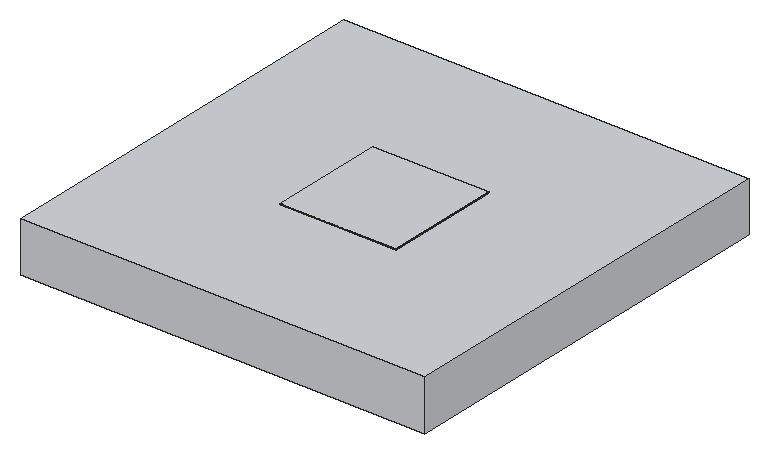
Revit family "Difusor de retorno - Quadrado - Hospedado", category Terminais de ar, Revit 2019
Family settings
  Hospedeiro = Face
  Cota do conector redondo = Utilizar diâmetro
  Tipo de parte = Normal
  Corte com vazios quando carregada = Não
  Compartilhado = Não
  Ponto de cálculo do ambiente = Não
Parameters (values of type "Padrão")
  UpFlowArrow [instance] = yes
  RightFlowArrow [instance] = yes
  Queda de pressão [instance] = 0.0 Pa
  Largura da lâmina 4 = Largura da grelha * 4 / 5  # 560 mm
  Largura da lâmina 3 = Largura da grelha * 3 / 5  # 420 mm
  Largura da lâmina 2 = Largura da grelha * 2 / 5  # 280 mm
  Largura da lâmina 1 = Largura da grelha * 1 / 5  # 140 mm
  LeftFlowArrow [instance] = yes
  Largura da grelha = 700 mm
  Fluxo [instance] = 0.0 L/s
  Largura do duto = 150 mm
  DownFlowArrow [instance] = yes
  Largura do difusor 2 = Largura do difusor - 55 mm  # 643 mm
  Largura do difusor = 698 mm
  Material do difusor = none
  Altura do difusor = 40 mm
  Elevação-padrão = 1200 mm
Reference planes
  plane 1 "Centro (frente/trás)": y = 0
  plane 2: z = 0
  plane 3 "Centro (direita/esquerda)": x = 0
  plane 4 "Direita superior do difusor": x = 321.5
  plane 5 "Esquerda superior do difusor": x = -321.5
  plane 6 "Traseira superior do difusor": y = 321.5
  plane 7 "Frente superior do difusor": y = -321.5
  plane 8 "Direita": x = 349
  plane 9 "Esquerda": x = -349
  plane 10 "Parte posterior": y = 349
  plane 11 "Parte frontal": y = -349
  plane 12 "Superior": z = 0
  plane 13 "Traseira da grelha": y = 350
  plane 14 "Frente da grelha": y = -350
  plane 15 "Direita da grelha": x = 350
  plane 16 "Esquerda da grelha": x = -350
  plane 17 "Inferior": z = -35
  plane 18 "Face da grelha": z = 5
  plane 19 "Traseira a lâmina 1": y = 70
  plane 20 "Frente da lâmina 1": y = -70
  plane 21 "Esquerda da lâmina 1": x = -70
  plane 22 "Direita da lâmina 1": x = 70
  plane 23 "Esquerda da lâmina 2": x = -140
  plane 24 "Direita da lâmina 2": x = 140
  plane 25 "Traseira da lâmina 2": y = 140
  plane 26 "Frente da lâmina 2": y = -140
  plane 27 "Esquerda da lâmina 3": x = -210
  plane 28 "Direita da lâmina 3": x = 210
  plane 29 "Traseira da lâmina 3": y = 210
  plane 30 "Frente da lâmina 3": y = -210
  plane 31 "Traseira da lâmina 4": y = 280
  plane 32 "Frente da lâmina 4": y = -280
  plane 33: x = -280
  plane 34: x = 280
Forms (mm)
  Extrusion 1, solid
    sketch origin (0, 0, 0) x (1, 0, 0) y (0, 1, 0)
      loop
        line (-1218, 1219.2) -> (-1218, -1219.2) -> (1218, -1219.2) -> (1218, 1219.2) -> (-1218, 1219.2)
    from 0 to -304.8
  Extrusion 2, solid, material <- "Material do difusor"
    sketch origin (0, 0, 5) x (-1, 0, 0) y (0, -1, 0)
      loop
        line (350, -350) -> (350, 350) -> (-350, 350) -> (-350, -350) -> (350, -350)
    from 0 to -5
  Blend 3, solid, material <- "Material do difusor"
    base sketch origin (0, 0, 0) x (-1, 0, 0) y (0, -1, 0)
      loop
        line (349, -349) -> (349, 349) -> (-349, 349) -> (-349, -349) -> (349, -349)
    top sketch origin (0, 0, 0) x (-1, 0, 0) y (0, -1, 0)
      loop
        line (321.5, -321.5) -> (321.5, 321.5) -> (-321.5, 321.5) -> (-321.5, -321.5) -> (321.5, -321.5)
    from 0 to -35
Lines and regions (mm)
  symbolic lines
    curve 1: line (-349, 349, 0) -> (349, -349, 0)
    curve 2: line (349, 349, 0) -> (-349, -349, 0)
    curve 3: line (-349, 349, 0) -> (349, 349, 0)
    curve 4: line (-349, -349, 0) -> (-349, 349, 0)
    curve 5: line (349, -349, 0) -> (-349, -349, 0)
    curve 6: line (349, 349, 0) -> (349, -349, 0)
  model lines
    curve 7: line (-70, 70, 5) -> (70, 70, 5)
    curve 8: line (-70, -70, 5) -> (-70, 70, 5)
    curve 9: line (70, -70, 5) -> (-70, -70, 5)
    curve 10: line (70, 70, 5) -> (70, -70, 5)
    curve 11: line (-140, 140, 5) -> (140, 140, 5)
    curve 12: line (-140, -140, 5) -> (-140, 140, 5)
    curve 13: line (140, -140, 5) -> (-140, -140, 5)
    curve 14: line (140, 140, 5) -> (140, -140, 5)
    curve 15: line (-210, 210, 5) -> (210, 210, 5)
    curve 16: line (-210, -210, 5) -> (-210, 210, 5)
    curve 17: line (210, -210, 5) -> (-210, -210, 5)
    curve 18: line (210, 210, 5) -> (210, -210, 5)
    curve 19: line (-280, 280, 5) -> (280, 280, 5)
    curve 20: line (-280, -280, 5) -> (-280, 280, 5)
    curve 21: line (280, -280, 5) -> (-280, -280, 5)
    curve 22: line (280, 280, 5) -> (280, -280, 5)
Dimensions and locks
  equal spacing: plane 9 "Esquerda", plane 3 "Centro (direita/esquerda)", plane 8 "Direita"
  "Largura do difusor": plane 9 "Esquerda" to plane 8 "Direita"
  equal spacing: plane 11 "Parte frontal", plane 1 "Centro (frente/trás)", plane 10 "Parte posterior"
  "Largura do difusor": plane 11 "Parte frontal" to plane 10 "Parte posterior"
  "Largura do difusor": nested 1 to plane 3 "Centro (direita/esquerda)"
  "Largura do difusor": plane 3 "Centro (direita/esquerda)" to nested 2
  "Largura do difusor": nested 4 to plane 1 "Centro (frente/trás)"
  "Largura do difusor": nested 3 to plane 1 "Centro (frente/trás)"
  equal spacing: plane 5 "Esquerda superior do difusor", plane 3 "Centro (direita/esquerda)", plane 4 "Direita superior do difusor"
  "Largura do difusor 2": plane 5 "Esquerda superior do difusor" to plane 4 "Direita superior do difusor"
  equal spacing: plane 7 "Frente superior do difusor", plane 1 "Centro (frente/trás)", plane 6 "Traseira superior do difusor"
  "Largura do difusor 2": plane 7 "Frente superior do difusor" to plane 6 "Traseira superior do difusor"
  equal spacing: plane 14 "Frente da grelha", plane 1 "Centro (frente/trás)", plane 13 "Traseira da grelha"
  "Largura da grelha": plane 14 "Frente da grelha" to plane 13 "Traseira da grelha"
  equal spacing: plane 16 "Esquerda da grelha", plane 3 "Centro (direita/esquerda)", plane 15 "Direita da grelha"
  "Largura da grelha": plane 16 "Esquerda da grelha" to plane 15 "Direita da grelha"
  "Altura do difusor": plane 18 "Face da grelha" to plane 17 "Inferior"
  locked: plane 18 "Face da grelha" to plane 12 "Superior" at 5
  equal spacing: plane 21 "Esquerda da lâmina 1", plane 3 "Centro (direita/esquerda)", plane 22 "Direita da lâmina 1"
  "Largura da lâmina 1": plane 21 "Esquerda da lâmina 1" to plane 22 "Direita da lâmina 1"
  equal spacing: plane 20 "Frente da lâmina 1", plane 1 "Centro (frente/trás)", plane 19 "Traseira a lâmina 1"
  "Largura da lâmina 1": plane 19 "Traseira a lâmina 1" to plane 20 "Frente da lâmina 1"
  "Largura da lâmina 2": plane 23 "Esquerda da lâmina 2" to plane 24 "Direita da lâmina 2"
  equal spacing: plane 23 "Esquerda da lâmina 2", plane 3 "Centro (direita/esquerda)", plane 24 "Direita da lâmina 2"
  "Largura da lâmina 2": plane 25 "Traseira da lâmina 2" to plane 26 "Frente da lâmina 2"
  equal spacing: plane 25 "Traseira da lâmina 2", plane 1 "Centro (frente/trás)", plane 26 "Frente da lâmina 2"
  "Largura da lâmina 3": plane 27 "Esquerda da lâmina 3" to plane 28 "Direita da lâmina 3"
  equal spacing: plane 27 "Esquerda da lâmina 3", plane 3 "Centro (direita/esquerda)", plane 28 "Direita da lâmina 3"
  equal spacing: plane 29 "Traseira da lâmina 3", plane 1 "Centro (frente/trás)", plane 30 "Frente da lâmina 3"
  "Largura da lâmina 3": plane 29 "Traseira da lâmina 3" to plane 30 "Frente da lâmina 3"
  equal spacing: plane 31 "Traseira da lâmina 4", plane 1 "Centro (frente/trás)", plane 32 "Frente da lâmina 4"
  "Largura da lâmina 4": plane 31 "Traseira da lâmina 4" to plane 32 "Frente da lâmina 4"
  equal spacing: plane 33, plane 3 "Centro (direita/esquerda)", plane 34
  "Largura da lâmina 4": plane 33 to plane 34
  aligned and locked: plane 2 to Extrusion 1
  aligned and locked: level to Extrusion 1
  aligned and locked: plane 11 "Parte frontal" to curve 2
  aligned and locked: plane 9 "Esquerda" to curve 2
  aligned and locked: plane 10 "Parte posterior" to curve 1
  aligned and locked: plane 9 "Esquerda" to curve 1
  aligned and locked: plane 8 "Direita" to curve 2
  aligned and locked: plane 10 "Parte posterior" to curve 2
  aligned and locked: plane 11 "Parte frontal" to curve 1
  aligned and locked: plane 8 "Direita" to curve 1
  aligned and locked: nested 1 to plane 1 "Centro (frente/trás)"
  aligned and locked: plane 1 "Centro (frente/trás)" to nested 2
  aligned and locked: nested 3 to plane 3 "Centro (direita/esquerda)"
  aligned and locked: plane 3 "Centro (direita/esquerda)" to nested 4
  aligned and locked: plane 2 to plane 12 "Superior"
  aligned and locked: Extrusion 2 sketch curve to plane 16 "Esquerda da grelha"
  aligned and locked: plane 14 "Frente da grelha" to Extrusion 2 sketch curve
  aligned and locked: Extrusion 2 sketch curve to plane 15 "Direita da grelha"
  aligned and locked: plane 13 "Traseira da grelha" to Extrusion 2 sketch curve
  aligned and locked: Extrusion 2 to plane 18 "Face da grelha"
  aligned and locked: Extrusion 2 to plane 12 "Superior"
  aligned and locked: Blend 3 sketch curve to plane 9 "Esquerda"
  aligned and locked: plane 10 "Parte posterior" to Blend 3 sketch curve
  aligned and locked: Blend 3 sketch curve to plane 8 "Direita"
  aligned and locked: plane 11 "Parte frontal" to Blend 3 sketch curve
  aligned and locked: plane 6 "Traseira superior do difusor" to Blend 3 sketch curve
  aligned and locked: Blend 3 sketch curve to plane 5 "Esquerda superior do difusor"
  aligned and locked: plane 7 "Frente superior do difusor" to Blend 3 sketch curve
  aligned and locked: Blend 3 sketch curve to plane 4 "Direita superior do difusor"
  aligned and locked: Blend 3 to plane 12 "Superior"
  aligned and locked: Blend 3 to plane 17 "Inferior"
  aligned and locked: curve 9 to plane 20 "Frente da lâmina 1"
  aligned and locked: plane 19 "Traseira a lâmina 1" to curve 7
  aligned and locked: curve 8 to plane 21 "Esquerda da lâmina 1"
  aligned and locked: plane 22 "Direita da lâmina 1" to curve 10
  aligned and locked: curve 13 to plane 26 "Frente da lâmina 2"
  aligned and locked: plane 25 "Traseira da lâmina 2" to curve 11
  aligned and locked: curve 12 to plane 23 "Esquerda da lâmina 2"
  aligned and locked: plane 24 "Direita da lâmina 2" to curve 14
  aligned and locked: curve 17 to plane 30 "Frente da lâmina 3"
  aligned and locked: plane 29 "Traseira da lâmina 3" to curve 15
  aligned and locked: curve 16 to plane 27 "Esquerda da lâmina 3"
  aligned and locked: plane 28 "Direita da lâmina 3" to curve 18
  aligned and locked: curve 21 to plane 32 "Frente da lâmina 4"
  aligned and locked: plane 33 to curve 20
  aligned and locked: curve 22 to plane 34
  aligned and locked: plane 31 "Traseira da lâmina 4" to curve 19
Automatic sketch dimensions
  Extrusion 1 sketch curve to Extrusion 1 sketch curve = 2436 mm
  Extrusion 1 sketch curve to Extrusion 1 sketch curve = 2438.4 mm
Nested families
  nested 1: "Seta do terminal do duto" at (-698, 0, 0), visible <- "LeftFlowArrow", type "Seta do terminal do duto"
  nested 2: "Seta do terminal do duto" at (698, 0, 0) x (-1, 0, 0) z (0, 0, 1), visible <- "RightFlowArrow", type "Seta do terminal do duto"
  nested 3: "Seta do terminal do duto" at (0, -698, 0) x (0, 1, 0) z (0, 0, 1), visible <- "UpFlowArrow", type "Seta do terminal do duto"
  nested 4: "Seta do terminal do duto" at (0, 698, 0) x (0, -1, 0) z (0, 0, 1), visible <- "DownFlowArrow", type "Seta do terminal do duto"
Connectors
  hvac at (0, 0, -35), driven by "Queda de pressão", driven by "Fluxo", driven by "Largura do duto", driven by "Largura do duto"
    settings: on Blend 3, index 1, duct flow 0.0 L/s, flow factor 0, pres drop 0.0 Pa, loss coef 0, conn angle 0.00°, conn width 150 mm, conn height 150 mm, conn diameter 150 mm, duct sys type 2, conn prof type 1, flow config 1, flow direction 2, loss method 4, conn ref index -1, conn util no, is conn primary yes, conn desc "Saída de ar"
Definition of nested family "Seta do terminal do duto"
  Parameters
    Largura = 600 mm
    Visibilidade 1 = yes
    Visibilidade 2 = no
    Comprimento 4 = (Meio comprimento 1 - Comprimento 5 * sin(20.00°) * 4) / 2  # 70.515 mm
    Comprimento 5 = Comprimento 2 * tan(20.00°)  # 116.199 mm
    Comprimento 3 = Comprimento 2 * 0.5  # 159.627 mm
    Comprimento 2 = Meio comprimento 1 / cos(20.00°)  # 319.253 mm
    Comprimento 1 = if(Altura > Largura, Altura, Largura)  # 600 mm
    Altura = 600 mm
    Meio comprimento 1 = Comprimento 1 * 0.5  # 300 mm
    Assembly Code = ""
  Reference planes
    plane 1 "Centro (Frente/Trás)": y = 0
    plane 2: z = 0
    plane 3 "Centro (Esquerda/Direita)": x = 0
  Lines and regions (mm)
    Filled region 1, type "Tijolo", in view "Nível de referência", visible <- "Visibilidade 1"
      outline origin (0, 0, 0) x (1, 0, 0) y (0, 1, 0)
        loop
          line (600, 0) -> (300, 109.191) -> (300, -109.191) -> (600, 0)
    Filled region 2, type "Preenchimento sólido - Preto", in view "Nível de referência", visible <- "Visibilidade 2"
      outline origin (0, 0, 0) x (1, 0, 0) y (0, 1, 0)
        loop
          line (-300, 109.191) -> (-300, -109.191) -> (0, 0) -> (-300, 109.191)
    detail lines, in view "Nível de referência", visible <- "Visibilidade 1"
      curve 1: line (0, 0, 0) -> (600, 0, 0)
      curve 2: line (600, 0, 0) -> (300, 109.191, 0)
      curve 3: line (600, 0, 0) -> (300, -109.191, 0)
      curve 4: line (300, 109.191, 0) -> (300, -109.191, 0)
    detail lines, in view "Nível de referência", visible <- "Visibilidade 2"
      curve 5: line (-300, 0, 0) -> (0, 0, 0)
      curve 6: line (0, 0, 0) -> (-300, 109.191, 0)
      curve 7: line (0, 0, 0) -> (-300, -109.191, 0)
      curve 8: line (-300, 109.191, 0) -> (-300, -109.191, 0)
      curve 9: line (-300, 0, 0) -> (-370.515, 0, 0)
      curve 10: line (-370.515, 0, 0) -> (-410.258, 109.191, 0)
      curve 11: line (-450, 0, 0) -> (-410.258, 109.191, 0)
      curve 12: line (-450, 0, 0) -> (-489.742, -109.191, 0)
      curve 13: line (-529.485, 0, 0) -> (-489.742, -109.191, 0)
      curve 14: line (-529.485, 0, 0) -> (-600, 0, 0)
  Dimensions and locks
    "Comprimento 1": curve 1 to curve 1
    "Comprimento 2": curve 2 to curve 2
    "Comprimento 2": curve 3 to curve 3
    "Meio comprimento 1": curve 5 to curve 5
    "Comprimento 2": curve 6 to curve 6
    "Comprimento 2": curve 7 to curve 7
    "Comprimento 4": curve 9 to curve 9
    "Comprimento 5": curve 10 to curve 10
    "Comprimento 5": curve 11 to curve 11
    "Comprimento 5": curve 12 to curve 12
    "Comprimento 5": curve 13 to curve 13
    "Comprimento 4": curve 14 to curve 14
    locked: curve 2 to curve 1 (angle 20.00°)
    locked: curve 6 to curve 5 (angle 20.00°)
    locked: curve 9 to curve 10 (angle 110.00°)
    locked: curve 11 to curve 12 (angle 180.00°)
    aligned and locked: plane 1 "Centro (Frente/Trás)" to curve 1
    aligned and locked: Filled region 1 sketch curve to curve 2
    aligned and locked: Filled region 1 sketch curve to curve 3
    aligned and locked: Filled region 1 sketch curve to curve 4
    aligned and locked: plane 1 "Centro (Frente/Trás)" to curve 5
    aligned and locked: plane 3 "Centro (Esquerda/Direita)" to curve 5
    aligned and locked: Filled region 2 sketch curve to curve 8
    aligned and locked: Filled region 2 sketch curve to curve 6
    aligned and locked: Filled region 2 sketch curve to curve 7
    aligned and locked: curve 14 to plane 1 "Centro (Frente/Trás)"
  Automatic sketch dimensions
    plane 1 "Centro (Frente/Trás)" to curve 12 = 0 mm
Types in the file's own list only (11): name | Largura da lâmina 4 | Largura da lâmina 3 | Largura da lâmina 2 | Largura da lâmina 1 | Largura da grelha | Largura do duto | Largura do difusor 2 | Largura do difusor
  192 x 192 | 195 mm | 146 mm | 98 mm | 49 mm | 244 mm | 150 mm | 137 mm | 192 mm
  248 x 248 | 240 mm | 180 mm | 120 mm | 60 mm | 300 mm | 200 mm | 193 mm | 248 mm
  304 x 304 | 285 mm | 214 mm | 142 mm | 71 mm | 356 mm | 250 mm | 249 mm | 304 mm
  360 x 360 | 330 mm | 247 mm | 165 mm | 82 mm | 412 mm | 300 mm | 305 mm | 360 mm
  416 x 416 | 374 mm | 281 mm | 187 mm | 94 mm | 468 mm | 375 mm | 361 mm | 416 mm
  446 x 446 | 398 mm | 299 mm | 199 mm | 100 mm | 498 mm | 400 mm | 391 mm | 446 mm
  546 x 546 | 478 mm | 359 mm | 239 mm | 120 mm | 598 mm | 500 mm | 491 mm | 546 mm
  571 x 571 | 498 mm | 374 mm | 249 mm | 125 mm | 623 mm | 550 mm | 516 mm | 571 mm
  642 x 642 | 555 mm | 416 mm | 278 mm | 139 mm | 694 mm | 600 mm | 587 mm | 642 mm
  698 x 698 | 600 mm | 450 mm | 300 mm | 150 mm | 750 mm | 650 mm | 643 mm | 698 mm
  754 x 754 | 645 mm | 484 mm | 322 mm | 161 mm | 806 mm | 700 mm | 699 mm | 754 mm
